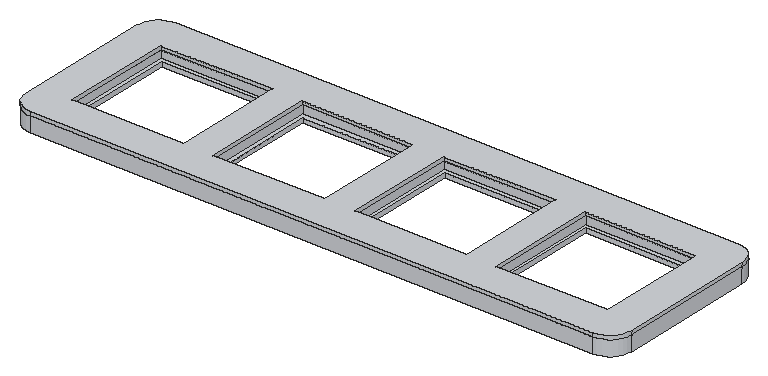
Revit family "Gira_0214417", category Electrical Fixtures, host Face, Revit 2017
Family settings
  Host = Face
  Maintain Annotation Orientation = No
  Round Connector Dimension = Use Diameter
  Part Type = Normal
  Cut with Voids When Loaded = No
  Shared = No
  Room Calculation Point = No
Parameters (values of type "Cov.fr. 4-g Gira E3 sand/p.white")
  URL = "http://katalog.gira.de/en/datenblatt.html?artikelnr=0214417"
  Transparent = "No"
  Name = "Cov.fr. 4-g Gira E3 sand/p.white"
  Manufacturer URL = "https://www.gira.de/"
  Manufacturer = "Gira"
  Keynote = ""
  HeinzeBIM = "https://bimportal.heinze.de/bim/cov-fr-4-g-gira-e3-sand-p-white/a72712dc6aa725388d8a07c401410ffc0dbbca32"
  HAN = "0214417"
  GTIN = "4010337024545"
  Description = "Cov.fr.4g E3 SdPw,Gira E3 cover frame,sand soft touch with pure white glossy intermediate frame,4-gang,Features:,- Shatter-proof.,,Notes :,- Soft-touch surface,- NCS value: approx. NCS S 2005-Y20R"
  Default Elevation = 1219.2 mm
  Data sheet (1) = "https://katalog.gira.de/en/download.html?artikelnr=0214417"
  Category = "Cover frame for domestic switching devices"
  BIM (1) = "https://media.stage.bim.site/public/gira/36a6b08/E3_Rahmen_4fach.rfa"
  Available = "No"
Reference planes
  plane 1 "Center (Front/Back)": y = 0
  plane 2: z = 0
  plane 3 "Center (Left/Right)": x = 0
Forms (mm)
  Extrusion 1, solid, detail levels fine
    sketch origin (0, 0, 0) x (1, 0, 0) y (0, 1, 0)
      loop
        arc (-141.75, 45.809) -> (-149.535, 42.585) -> (-152.759, 34.8) r 11.009
        line (-152.759, 34.8) -> (-152.759, -34.8)
        arc (-152.759, -34.8) -> (-149.535, -42.585) -> (-141.75, -45.809) r 11.009
        line (-141.75, -45.809) -> (141.75, -45.809)
        arc (141.75, -45.809) -> (149.535, -42.585) -> (152.759, -34.8) r 11.009
        line (152.759, -34.8) -> (152.759, 34.8)
        arc (152.759, 34.8) -> (149.535, 42.585) -> (141.75, 45.809) r 11.009
        line (141.75, 45.809) -> (-141.75, 45.809)
      loop
        line (-78.85, 28.187) -> (-135.106, 28.187) -> (-135.106, -28.187) -> (-78.85, -28.187) -> (-78.85, 28.187)
      loop
        line (-63.95, 28.187) -> (-63.95, -28.187) -> (-7.695, -28.187) -> (-7.695, 28.187) -> (-63.95, 28.187)
      loop
        line (78.85, 28.187) -> (78.85, -28.187) -> (135.106, -28.187) -> (135.106, 28.187) -> (78.85, 28.187)
      loop
        line (63.95, 28.187) -> (7.695, 28.187) -> (7.695, -28.187) -> (63.95, -28.187) -> (63.95, 28.187)
    from 7.65 to 9.5
  Extrusion 2, solid, detail levels fine
    sketch origin (-107.15, 0, 0) x (1, 0, 0) y (0, 1, 0)
      loop
        line (26.1, 25.7) -> (-25.7, 25.7) -> (-25.7, -25.7) -> (26.1, -25.7) -> (26.1, 25.7)
      loop
        line (-28.187, -28.156) -> (28.187, -28.156) -> (28.187, 28.156) -> (-28.187, 28.156) -> (-28.187, -28.156)
    from 1.65 to 3.9
  Extrusion 3, solid, detail levels fine
    sketch origin (0, 0, 0) x (1, 0, 0) y (0, 1, 0)
      loop
        arc (-141.75, 45.809) -> (-149.535, 42.585) -> (-152.759, 34.8) r 11.009
        line (-152.759, 34.8) -> (-152.759, -34.8)
        arc (-152.759, -34.8) -> (-149.535, -42.585) -> (-141.75, -45.809) r 11.009
        line (-141.75, -45.809) -> (141.75, -45.809)
        arc (141.75, -45.809) -> (149.535, -42.585) -> (152.759, -34.8) r 11.009
        line (152.759, -34.8) -> (152.759, 34.8)
        arc (152.759, 34.8) -> (149.535, 42.585) -> (141.75, 45.809) r 11.009
        line (141.75, 45.809) -> (-141.75, 45.809)
      loop
        line (-150.793, 34.785) -> (-150.793, -34.785)
        arc (-150.793, -34.785) -> (-148.14, -41.19) -> (-141.735, -43.843) r 9.058
        line (-141.735, -43.843) -> (141.735, -43.843)
        arc (141.735, -43.843) -> (148.14, -41.19) -> (150.793, -34.785) r 9.058
        line (150.793, -34.785) -> (150.793, 34.785)
        arc (150.793, 34.785) -> (148.14, 41.19) -> (141.735, 43.843) r 9.058
        line (141.735, 43.843) -> (-141.735, 43.843)
        arc (-141.735, 43.843) -> (-148.14, 41.19) -> (-150.793, 34.785) r 9.058
    from 0 to 7.65
  Extrusion 4, solid, detail levels fine
    sketch origin (-35.75, 0, 0) x (1, 0, 0) y (0, 1, 0)
      loop
        line (-98.606, -31.075) -> (170.105, -31.075)
        arc (170.105, -31.075) -> (172.749, -29.98) -> (173.844, -27.337) r 3.739
        line (173.844, -27.337) -> (173.844, 27.337)
        arc (173.844, 27.337) -> (172.749, 29.98) -> (170.105, 31.075) r 3.739
        line (170.105, 31.075) -> (-98.606, 31.075)
        arc (-98.606, 31.075) -> (-101.249, 29.98) -> (-102.344, 27.337) r 3.739
        line (-102.344, 27.337) -> (-102.344, -27.337)
        arc (-102.344, -27.337) -> (-101.249, -29.98) -> (-98.606, -31.075) r 3.739
      loop
        line (-101.194, 27.537) -> (-101.194, -27.537)
        arc (-101.194, -27.537) -> (-100.495, -29.226) -> (-98.806, -29.925) r 2.389
        line (-98.806, -29.925) -> (170.305, -29.925)
        arc (170.305, -29.925) -> (171.994, -29.226) -> (172.694, -27.537) r 2.389
        line (172.694, -27.537) -> (172.694, 27.537)
        arc (172.694, 27.537) -> (171.994, 29.226) -> (170.305, 29.925) r 2.389
        line (170.305, 29.925) -> (-98.806, 29.925)
        arc (-98.806, 29.925) -> (-100.495, 29.226) -> (-101.194, 27.537) r 2.389
    from 1.65 to 7.65
  Extrusion 5, solid, detail levels fine
    sketch origin (0, 0, 0) x (1, 0, 0) y (0, 1, 0)
      loop
        line (-139.017, -39.8) -> (139.017, -39.8)
        arc (139.017, -39.8) -> (144.632, -36.708) -> (146.864, -30.7) r 9.2
        line (146.864, -30.7) -> (146.864, 30.7)
        arc (146.864, 30.7) -> (144.17, 37.205) -> (137.664, 39.9) r 9.2
        line (137.664, 39.9) -> (-137.664, 39.9)
        arc (-137.664, 39.9) -> (-144.17, 37.205) -> (-146.864, 30.7) r 9.2
        line (-146.864, 30.7) -> (-146.864, -30.7)
        arc (-146.864, -30.7) -> (-144.632, -36.708) -> (-139.017, -39.8) r 9.2
      loop
        line (-137.664, -31.7) -> (137.664, -31.7)
        arc (137.664, -31.7) -> (138.372, -31.407) -> (138.664, -30.7) r 1
        line (138.664, -30.7) -> (138.664, 30.7)
        arc (138.664, 30.7) -> (138.372, 31.407) -> (137.664, 31.7) r 1
        line (137.664, 31.7) -> (-137.664, 31.7)
        arc (-137.664, 31.7) -> (-138.372, 31.407) -> (-138.664, 30.7) r 1
        line (-138.664, 30.7) -> (-138.664, -30.7)
        arc (-138.664, -30.7) -> (-138.372, -31.407) -> (-137.664, -31.7) r 1
    from 1.65 to 3.9
  Extrusion 6, solid, detail levels fine
    sketch origin (-107.15, 0, 0) x (1, 0, 0) y (0, 1, 0)
      loop
        line (-28.187, 28.156) -> (-28.187, -28.156) -> (28.187, -28.156) -> (28.187, 28.156) -> (-28.187, 28.156)
      loop
        line (-29.925, 29.925) -> (-29.925, -29.925) -> (29.925, -29.925) -> (29.925, 29.925) -> (-29.925, 29.925)
    from 1.65 to 7.65
  Extrusion 7, solid, detail levels coarse+medium
    sketch origin (0, 0, 0) x (1, 0, 0) y (0, 1, 0)
      loop
        line (-152.759, 45.809) -> (-152.759, -45.809) -> (152.759, -45.809) -> (152.759, 45.809) -> (-152.759, 45.809)
    from 0 to 9.5
  Extrusion 8, solid, detail levels fine
    sketch origin (-35.65, 0, 0) x (-1, 0, 0) y (0, -1, 0)
      loop
        line (25.9, -25.7) -> (25.9, 25.7) -> (-25.9, 25.7) -> (-25.9, -25.7) -> (25.9, -25.7)
      loop
        line (-28.187, 28.156) -> (-28.187, -28.156) -> (28.187, -28.156) -> (28.187, 28.156) -> (-28.187, 28.156)
    from 1.65 to 3.9
  Extrusion 9, solid, detail levels fine
    sketch origin (-35.65, 0, 0) x (-1, 0, 0) y (0, -1, 0)
      loop
        line (-28.187, -28.156) -> (28.187, -28.156) -> (28.187, 28.156) -> (-28.187, 28.156) -> (-28.187, -28.156)
      loop
        line (-29.925, -29.925) -> (29.925, -29.925) -> (29.925, 29.925) -> (-29.925, 29.925) -> (-29.925, -29.925)
    from 1.65 to 7.65
  Extrusion 10, solid, detail levels fine
    sketch origin (35.85, 0, 0) x (-1, 0, 0) y (0, -1, 0)
      loop
        line (26.1, -25.7) -> (26.1, 25.7) -> (-25.7, 25.7) -> (-25.7, -25.7) -> (26.1, -25.7)
      loop
        line (-28.187, 28.156) -> (-28.187, -28.156) -> (28.187, -28.156) -> (28.187, 28.156) -> (-28.187, 28.156)
    from 1.65 to 3.9
  Extrusion 11, solid, detail levels fine
    sketch origin (35.85, 0, 0) x (-1, 0, 0) y (0, -1, 0)
      loop
        line (-28.187, -28.156) -> (28.187, -28.156) -> (28.187, 28.156) -> (-28.187, 28.156) -> (-28.187, -28.156)
      loop
        line (-29.925, -29.925) -> (29.925, -29.925) -> (29.925, 29.925) -> (-29.925, 29.925) -> (-29.925, -29.925)
    from 1.65 to 7.65
  Extrusion 12, solid, detail levels fine
    sketch origin (107.15, 0, 0) x (-1, 0, 0) y (0, -1, 0)
      loop
        line (26.1, -25.7) -> (26.1, 25.7) -> (-25.7, 25.7) -> (-25.7, -25.7) -> (26.1, -25.7)
      loop
        line (-28.187, 28.156) -> (-28.187, -28.156) -> (28.187, -28.156) -> (28.187, 28.156) -> (-28.187, 28.156)
    from 1.65 to 3.9
  Extrusion 13, solid, detail levels fine
    sketch origin (107.15, 0, 0) x (-1, 0, 0) y (0, -1, 0)
      loop
        line (-28.187, -28.156) -> (28.187, -28.156) -> (28.187, 28.156) -> (-28.187, 28.156) -> (-28.187, -28.156)
      loop
        line (-29.925, -29.925) -> (29.925, -29.925) -> (29.925, 29.925) -> (-29.925, 29.925) -> (-29.925, -29.925)
    from 1.65 to 7.65
Dimensions and locks
  aligned and locked: plane 2 to host face
  aligned and locked: level to host face
